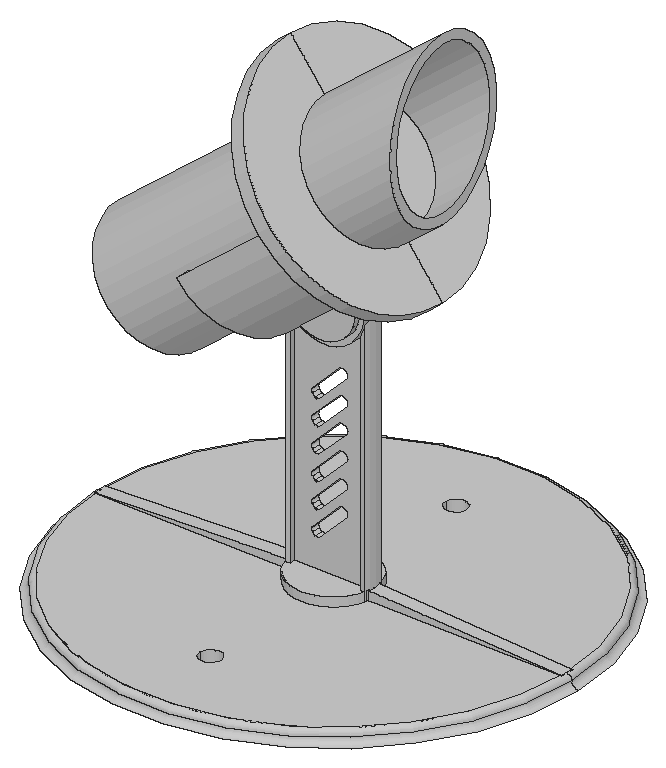
Revit family "SMALL UNDERWATER_LKPB0158CW.9", category Luminarias, Revit 2019
Family settings
  Cota de conector redondo = Diámetro de uso
  Tipo de pieza = Normal
  Se basa en plano de trabajo = Sí
  Siempre vertical = No
  Corte con vacíos al cargar = No
  Origen de luz = Sí
  Compartido = No
  Punto de cálculo de habitación = No
Parameters (values of type "SUB_LKPB0158CW.9")
  Ángulo de inclinación = 60.00°
  Zone [instance] = ""
  Watt per fixture = 2.6
  Wattage = 2.6 W
  built-in parameter 1150107 = 6000 (stored number, unit not read)
  built-in parameter 1150110 = 1 (stored number, unit not read)
  built-in parameter 1150109 = 1 (stored number, unit not read)
  built-in parameter 1150112 = 1 (stored number, unit not read)
  built-in parameter 1150113 = 1 (stored number, unit not read)
  built-in parameter 1114218 = 1 (stored number, unit not read)
  Keynote = ""
  built-in parameter 1150142 = "IESNA:LM-63-1995\r\n[TEST] SMALL UNDERWATER\r\n[DATE] 2016/12/13\r\n[MANUFAC] BRILLANTE ILUMINACION\r\n[LUMCAT] SMALL UNDERWATER \r\n[LUMINAIRE]LKPB0158CW \r\n[LAMPCAT] SMALL UNDERWATER\r\n[LAMP] SMALL UNDERWATER 6000°K 9°\r\nTILT=NONE\r\n0 -1 1.0 19 9 1 2 0.000 0.000 0.000\r\n1 1 2.6\r\n0.0 5.0 10.0 15.0 20.0 25.0 30.0 35.0 40.0 45.0 50.0 55.0 60.0 65.0 70.0 75.0 80.0 85.0 90.0\r\n0.0 45.0 90.0 135.0 180.0 225.0 270.0 315.0 360.0 \r\n2873.748 1436.772 399.007 140.820 71.792 41.171 25.604 16.591 10.037 6.452 4.301 2.970 2.048 1.434 1.024 0.717 0.410 0.205 0.102\r\n2756.996 1236.142 331.720 130.271 64.521 36.255 22.019 11.573 7.271 4.813 3.277 2.253 1.536 1.127 0.819 0.410 0.205 0.205 0.102\r\n2023.811 779.169 200.425 100.776 46.599 18.435 8.500 5.428 3.789 2.663 1.946 1.434 0.922 0.614 0.205 0.102 0.102 0.102 0.102\r\n2641.267 883.836 196.841 106.613 46.394 10.344 4.813 3.277 2.765 2.151 1.639 1.127 0.512 0.205 0.102 0.102 0.102 0.102 0.102\r\n2873.748 1302.711 436.695 131.193 54.587 11.880 4.199 2.458 2.151 1.946 1.536 1.127 0.307 0.102 0.102 0.102 0.102 0.102 0.102\r\n2756.996 1446.706 389.687 141.742 63.087 18.537 6.247 3.994 3.380 2.765 2.048 1.434 0.819 0.307 0.102 0.102 0.102 0.102 0.102\r\n2023.811 2446.680 706.659 201.552 91.251 53.153 20.995 9.320 6.452 4.609 3.380 2.356 1.741 1.127 0.614 0.307 0.205 0.102 0.102\r\n2641.267 2252.093 641.114 188.750 90.637 52.846 28.471 18.025 10.651 7.169 4.813 3.175 2.253 1.639 1.127 0.717 0.410 0.205 0.102\r\n2873.748 1436.772 399.007 140.820 71.792 41.171 25.604 16.591 10.037 6.452 4.301 2.970 2.048 1.434 1.024 0.717 0.410 0.205 0.102\r\n"
  built-in parameter 1150137 = (empty or 0)
  built-in parameter 1150132 = (empty or 0)
  Modelo = "LKPB0158CW.9"
  Lámpara = "OSRAM"
  built-in parameter 1150105 = 12 (stored number, unit not read)
  built-in parameter 1150102 = (empty or 0)
  built-in parameter 1150106 = 0.12 (stored number, unit not read)
  Lumens = 150.8 lm
  Color Filter = 16777215
  built-in parameter 1114217 = 1 (stored number, unit not read)
  built-in parameter 1150139 = (empty or 0)
  Fabricante = "BRILLANT"
  Default Elevation = 0 mm
  built-in parameter 1150104 = 5.3884 (stored number, unit not read)
  Descripción = "LUMINARIA SUB ACUATICA TIPO PUNTUAL, ACABADO EN ACERO INOXIDABLE, CUPERO MOLDEADO EN CROMO, SELLO DE SILICON, VIDRIO TEMPLADO DE 7MM, 1 LED TIPO OSRAM CON UN CONSUMO TOTAL DE 2.6W, 174 LUMENES CON  UNA TEMPERATURA EN BLANCO CALIDO 6000K, IP 68, IK 06, SUMERGIBLE MAXIMO 2M, CABLE H07RN DE 3M, APERTURA A 9 GRADOS, ALIMENTADA A 24V. REQUIERE ACCESORIOS."
  built-in parameter 1150115 = 1 (stored number, unit not read)
  built-in parameter 1150114 = 1 (stored number, unit not read)
  Comentarios de vataje = "24V"
  built-in parameter 1150138 = (empty or 0)
  built-in parameter 1150134 = 5
  Circuit [instance] = ""
  Dimming Lamp Color Temperature Shift = (empty or 0)
  Archivo de red fotométrica = "SMALL UNDERWATER_LKPB0158CW 9°.IES"
  built-in parameter 1150133 = 10 (stored number, unit not read)
Reference planes
  plane 1 "Centro (Frontal/Posterior)": y = 0
  plane 2: z = 0
  plane 3 "Centro (Izquierda/Derecha)": x = 0
  plane 4: z = 132
  plane 5: z = 3
  plane 6: x = -653.678
  plane 7: x = 600
  plane 8 "inclinado": through (-18.314, -1524, 86.57) normal (0.7771, 0, 0.6293)
Forms (mm)
  Revolve 1, solid, material "Acero Inoxidable"
    sketch origin (0, 0, 0) x (1, 0, 0) y (0, 0, 1)
      loop
        arc (60, 0) -> (58.861, 0.472) -> (58.389, 1.611) r 1.611
        arc (58.389, 1.611) -> (57.982, 2.593) -> (57, 3) r 1.389
        line (57, 3) -> (0, 3) -> (0, 0) -> (60, 0)
      axis (0, 3) -> (0, 0)
    angle from 0 to 360
  Extrusion 2, solid, material "Acero Inoxidable"
    sketch origin (0, 0, 0) x (1, 0, 0) y (0, 1, 0)
      loop
        circle (0, 0) r 10
    from 3 to 5.134
  Extrusion 3, solid, material "Acero Inoxidable"
    sketch origin (0, 0, 0) x (1, 0, 0) y (0, 0, 1)
      loop
        line (-10, 5.134) -> (-57.216, 3) -> (-10, 3) -> (-10, 5.134)
      loop
        line (10, 5.134) -> (10, 3) -> (57.216, 3) -> (10, 5.134)
    from -1.668 to 1.605
  Extrusion 4, void
    sketch origin (0, 0, 0) x (1, 0, 0) y (0, 1, 0)
      loop
        circle (0, 37.605) r 2.589
      loop
        circle (0, -37.605) r 2.589
    from 0 to 3
  Extrusion 5, solid, material "Acero Inoxidable"
    sketch origin (0, 0, 0) x (1, 0, 0) y (0, 1, 0)
      loop
        arc (-9.664, 2.571) -> (-10, 0) -> (-9.664, -2.571) r 10
        line (-9.664, -2.571) -> (-8.527, -2.387)
        arc (-8.527, -2.387) -> (-8.69, -1.699) -> (-8.798, -1) r 8.855
        line (-8.798, -1) -> (8.798, -1)
        arc (8.798, -1) -> (8.69, -1.699) -> (8.527, -2.387) r 8.855
        line (8.527, -2.387) -> (9.664, -2.571)
        arc (9.664, -2.571) -> (10, 0) -> (9.664, 2.571) r 10
        line (9.664, 2.571) -> (8.527, 2.387)
        arc (8.527, 2.387) -> (8.69, 1.699) -> (8.798, 1) r 8.855
        line (8.798, 1) -> (-8.798, 1)
        arc (-8.798, 1) -> (-8.69, 1.699) -> (-8.527, 2.387) r 8.855
        line (-8.527, 2.387) -> (-9.664, 2.571)
    from 3 to 66.238
  Extrusion 6, void
    sketch origin (0, 0, 0) x (1, 0, 0) y (0, 0, 1)
      loop
        arc (-4.236, 44.448) -> (-4.479, 43.861) -> (-4.236, 43.274) r 0.831
        line (-4.236, 43.274) -> (-3.616, 42.653)
        arc (-3.616, 42.653) -> (-3.028, 42.41) -> (-2.441, 42.653) r 0.831
        line (-2.441, 42.653) -> (4.236, 49.33)
        arc (4.236, 49.33) -> (4.479, 49.917) -> (4.236, 50.505) r 0.831
        line (4.236, 50.505) -> (3.616, 51.125)
        arc (3.616, 51.125) -> (3.028, 51.368) -> (2.441, 51.125) r 0.831
        line (2.441, 51.125) -> (-4.236, 44.448)
      loop
        arc (-4.236, 38.355) -> (-4.479, 37.768) -> (-4.236, 37.18) r 0.831
        line (-4.236, 37.18) -> (-3.616, 36.56)
        arc (-3.616, 36.56) -> (-3.028, 36.317) -> (-2.441, 36.56) r 0.831
        line (-2.441, 36.56) -> (4.236, 43.237)
        arc (4.236, 43.237) -> (4.479, 43.824) -> (4.236, 44.411) r 0.831
        line (4.236, 44.411) -> (3.616, 45.032)
        arc (3.616, 45.032) -> (3.028, 45.275) -> (2.441, 45.032) r 0.831
        line (2.441, 45.032) -> (-4.236, 38.355)
      loop
        arc (-4.236, 32.262) -> (-4.479, 31.674) -> (-4.236, 31.087) r 0.831
        line (-4.236, 31.087) -> (-3.616, 30.467)
        arc (-3.616, 30.467) -> (-3.028, 30.223) -> (-2.441, 30.467) r 0.831
        line (-2.441, 30.467) -> (4.236, 37.143)
        arc (4.236, 37.143) -> (4.479, 37.731) -> (4.236, 38.318) r 0.831
        line (4.236, 38.318) -> (3.616, 38.939)
        arc (3.616, 38.939) -> (3.028, 39.182) -> (2.441, 38.939) r 0.831
        line (2.441, 38.939) -> (-4.236, 32.262)
      loop
        arc (-4.236, 26.169) -> (-4.479, 25.581) -> (-4.236, 24.994) r 0.831
        line (-4.236, 24.994) -> (-3.616, 24.373)
        arc (-3.616, 24.373) -> (-3.028, 24.13) -> (-2.441, 24.373) r 0.831
        line (-2.441, 24.373) -> (4.236, 31.05)
        arc (4.236, 31.05) -> (4.479, 31.637) -> (4.236, 32.225) r 0.831
        line (4.236, 32.225) -> (3.616, 32.845)
        arc (3.616, 32.845) -> (3.028, 33.089) -> (2.441, 32.845) r 0.831
        line (2.441, 32.845) -> (-4.236, 26.169)
      loop
        arc (-4.236, 20.075) -> (-4.479, 19.488) -> (-4.236, 18.9) r 0.831
        line (-4.236, 18.9) -> (-3.616, 18.28)
        arc (-3.616, 18.28) -> (-3.028, 18.037) -> (-2.441, 18.28) r 0.831
        line (-2.441, 18.28) -> (4.236, 24.957)
        arc (4.236, 24.957) -> (4.479, 25.544) -> (4.236, 26.132) r 0.831
        line (4.236, 26.132) -> (3.616, 26.752)
        arc (3.616, 26.752) -> (3.028, 26.995) -> (2.441, 26.752) r 0.831
        line (2.441, 26.752) -> (-4.236, 20.075)
      loop
        arc (-4.236, 13.982) -> (-4.479, 13.395) -> (-4.236, 12.807) r 0.831
        line (-4.236, 12.807) -> (-3.616, 12.187)
        arc (-3.616, 12.187) -> (-3.028, 11.944) -> (-2.441, 12.187) r 0.831
        line (-2.441, 12.187) -> (4.236, 18.864)
        arc (4.236, 18.864) -> (4.479, 19.451) -> (4.236, 20.038) r 0.831
        line (4.236, 20.038) -> (3.616, 20.659)
        arc (3.616, 20.659) -> (3.028, 20.902) -> (2.441, 20.659) r 0.831
        line (2.441, 20.659) -> (-4.236, 13.982)
    from -1 to 1
  Extrusion 7, solid, material "Acero Inoxidable"
    sketch origin (0, 0, 0) x (1, 0, 0) y (0, 0, 1)
      loop
        circle (0, 66.238) r 10
    from -2.669 to 2.776
  Extrusion 8, solid, material "Acero Inoxidable"
    sketch origin (0, 0, 0) x (1, 0, 0) y (0, 0, 1)
      loop
        circle (0, 66.238) r 8.527
    from -3.879 to 3.918
  Extrusion 9, solid, material "Acero Inoxidable"
    sketch origin (38.907, 0, 12.732) x (0.809017, 0, 0.587785) y (-0.587785, 0, 0.809017)
      loop
        line (-8.527, 67.314) -> (-8.527, 65.161) -> (8.251, 65.161) -> (8.251, 67.314) -> (-8.527, 67.314)
    from -6.819 to 6.783
  Extrusion 10, solid, material "Acero Inoxidable"
    sketch origin (35.015, 0, 20.714) x (-0.62932, 0, 0.777146) y (0, -1, 0)
      loop
        line (74.745, 16.141) -> (74.745, 20.141)
        arc (74.745, 20.141) -> (54.604, 0) -> (74.745, -20.141) r 20.141
        line (74.745, -20.141) -> (74.745, -16.141)
        arc (74.745, -16.141) -> (58.604, 0) -> (74.745, 16.141) r 16.141
    from -13.208 to 23.085
  Revolve 11, solid, material "Acero Inoxidable"
    sketch origin (-79.16, 0, 96.158) x (0, 0, -1) y (1, 0, 0)
      loop
        line (40.545, 36.817) -> (53.223, 47.084) -> (23.006, 84.399)
        arc (23.006, 84.399) -> (21.888, 84.469) -> (21.99, 85.585) r 0.781
        line (21.99, 85.585) -> (21.482, 86.212)
        arc (21.482, 86.212) -> (20.383, 86.328) -> (20.499, 87.426) r 0.781
        line (20.499, 87.426) -> (19.99, 88.054)
        arc (19.99, 88.054) -> (18.878, 88.186) -> (19.042, 89.294) r 0.781
        line (19.042, 89.294) -> (14.683, 94.676) -> (25.101, 103.113) -> (22.713, 106.062) -> (12.295, 97.626) -> (-11.117, 126.537) -> (-12.562, 125.367) -> (9.217, 98.473) -> (-2.016, 89.376) -> (40.545, 36.817)
      axis (-23.795, 116.271) -> (40.545, 36.817)
    angle from 0 to 360
  Extrusion 12, void
    sketch origin (27.372, 0, 30.152) x (-0.62932, 0, 0.777146) y (0, -1, 0)
      loop
        circle (63.579, 0.01) r 16.073
      loop
        circle (63.579, 0.01) r 15.534
    from -43.944 to -35.873
  Extrusion 13, void
    sketch origin (0, 0, 0) x (1, 0, 0) y (0, 0, 1)
      loop
        line (26.844, 132.631) -> (26.844, 87.631) -> (51.844, 87.631) -> (51.844, 132.631) -> (26.844, 132.631)
    from -20.591 to 22.166
  Extrusion 14, solid, material "Acero Inoxidable"
    sketch origin (11.387, 0, 49.892) x (-0.62932, 0, 0.777146) y (0, -1, 0)
      loop
        line (37.201, -5) -> (41.531, -2.5) -> (41.531, 2.5) -> (37.201, 5) -> (32.871, 2.5) -> (32.871, -2.5) -> (37.201, -5)
    from -41.395 to -38.156
  Extrusion 15, solid, material "Plastico"
    sketch origin (11.387, 0, 49.892) x (-0.62932, 0, 0.777146) y (0, -1, 0)
      loop
        circle (37.201, 0) r 2.706
    from -48.927 to -41.395
Cuts and joins
  Extrusion 4 cuts Revolve 1
  Extrusion 6 cuts Extrusion 5
  Extrusion 12, Extrusion 13 cuts Revolve 11
  Extrusion 12 cuts Extrusion 7
  Extrusion 12 cuts Extrusion 10
Dimensions and locks
  plane 4 to plane 2 = 132 mm
  plane 4 to level = 132 mm
  plane 5 to level = 3 mm
  Revolve 11 sketch curve to Revolve 11 sketch curve = 16.314 mm
  Revolve 11 sketch curve to Revolve 11 sketch curve = 102.238 mm
  cut or joined group of Revolve 11, Extrusion 12, Extrusion 13 to cut or joined group of Revolve 11, Extrusion 12, Extrusion 13 = 102.238 mm
  Revolve 11 sketch curve to Revolve 11 sketch curve = 29.719 mm
  Extrusion 10 sketch curve to Extrusion 10 sketch curve = 4 mm
  aligned and locked: level to plane 2
  aligned and locked: Extrusion 5 to Extrusion 6  (x2)
Connectors
  electrical at (-50.047, 0, 48.012)
    settings: on Extrusion 15, index 1, voltage 24 V, apparent load 0 VA, apparent load phase1 0 VA, apparent load phase2 0 VA, apparent load phase3 0 VA, power factor 1, load classification "Otro", number of poles 1, system type 31, power factor state 1, is connector primary yes, connector utility no, sub classification motor no, connector description ""
